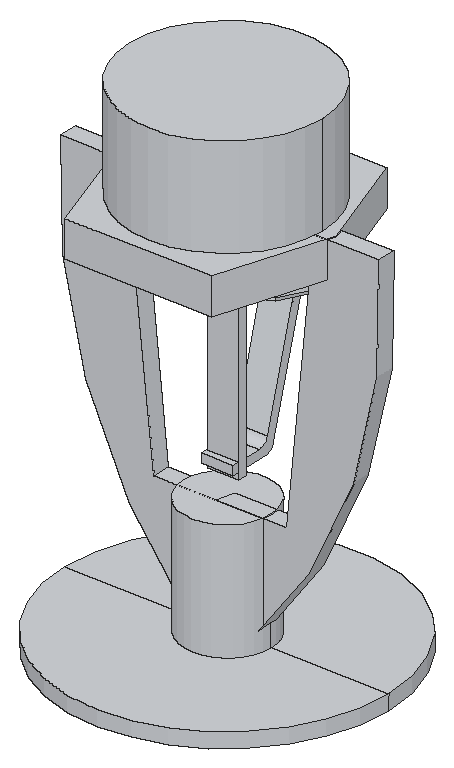
Revit family
Parameters (values of type "RASCO N252 EC PENDENT")
  Temperature Rating = 165 °F
  Response = (empty or 0)
  RASCO SIN # = "RA08A2"
  RASCO Part # = "EC251W"
  Pressure Rating = "175 PSI"
  Pressure Class = (empty or 0)
  Orifice Size = 1"
  Orifice = (empty or 0)
  Model = "N252 EC"
  Manufacturer = "RASCO"
  K-Factor = 25.2
  Description = "WHITE FINISH"
  Coverage = 1
Reference planes (in)
  plane 1 "Center (Front/Back)": y = 0
  plane 2: z = 0
  plane 3 "Center (Left/Right)": x = 0
Nested families (in)
  nested 1: "RASCO- EC251W" at (0, -0.28517, 3.60324) x (-1, 0, 0) z (0, 0, -1), type "RASCO N252 EC PENDENT"
Connectors (in)
  piping at (0, -0.28517, 3.60324)
    settings: on nested 1, index 1, connector radius 11/16", flow factor 0, pipe flow 0 GPM, pressure drop 0.00 psi, fitting loss kfactor 0, connector angle 0.00°, fixture units 0, flow configuration 0, flow direction 0, fitting loss method 0, system type 7, connector reference index -1, connector utility 0, adjustable connector no, is connector primary yes, fitting loss table "", connector description ""
Definition of nested family "RASCO- EC251W"
  Parameters (values of type "RASCO N252 EC PENDENT")
    Type Comments = ""
    Temperature Rating = 0 °F
    Response = (empty or 0)
    Pressure Rating = "0"
    Pressure Class = (empty or 0)
    Orifice Size = 0"
    Orifice = (empty or 0)
    Model = ""
    Manufacturer = ""
    K-Factor = 0
    Description = ""
    Coverage = (empty or 0)
    Assembly Code = ""
  Reference planes (in)
    plane 1 "Center (Front/Back)": y = 0
    plane 2: z = 0
    plane 3 "ref.2": z = 0.6875
    plane 4 "ref.3": z = 0.9375
    plane 5: x = -0.38065
    plane 6: x = 0.36935
    plane 7 "ref. side 1": y = 0.06402
    plane 8 "ref. side 2": y = -0.06098
    plane 9 "ref.4": z = 2.6
    plane 10 "ref.5": z = 3.6
    plane 11 "center": x = -0.00574
    plane 12 "clip": through (0, 0.52703, 1.36085) normal (0, 0.2756, -0.9613)
  Forms (in)
    Extrusion 1, solid
      sketch origin (0, 0, 0) x (1, 0, 0) y (0, 1, 0)
        loop
          circle (0, 0) r 0.659
      from 0 to 0.6875
    Extrusion 2, solid
      sketch origin (-0.12185, 0.05177, 0.6875) x (1, 0, 0) y (0, 1, 0)
        loop
          line (-0.37766, 0.70082) -> (-0.6339, -0.05177) -> (-0.3889, -0.80818) -> (0.62234, -0.80818) -> (0.8661, -0.05177) -> (0.62234, 0.70082) -> (-0.37766, 0.70082)
      from 0 to 0.25
    Extrusion 3, solid
      sketch origin (0, 0, 0) x (1, 0, 0) y (0, 0, 1)
        loop
          line (-1.09324, 0.6875) -> (-0.62034, 0.6875) -> (-0.62034, 0.96854)
          arc (-0.62034, 0.96854) -> (-0.58056, 1.76334) -> (-0.46159, 2.55019) r 7.95835
          line (-0.46159, 2.55019) -> (0.44697, 2.55019)
          arc (0.44697, 2.55019) -> (0.56668, 1.78042) -> (0.60672, 1.00242) r 7.57793
          line (0.60672, 1.00242) -> (0.60672, 0.6875) -> (1.08176, 0.6875)
          arc (1.08176, 0.6875) -> (0.90757, 2.11947) -> (0.17997, 3.36505) r 3.56334
          line (0.17997, 3.36505) -> (-0.19366, 3.36505)
          arc (-0.19366, 3.36505) -> (-0.92012, 2.11923) -> (-1.09324, 0.6875) r 3.563
      from -0.06402 to 0.06098
    Extrusion 4, solid
      sketch origin (-0.00199, 0, 3.1625) x (-1, 0, 0) y (0, -1, 0)
        loop
          circle (0.00574, -0.00152) r 0.3
      from -0.61231 to 0.4375
    Revolve 5, solid
      sketch origin (-0.0011, 0, 1.03138) x (1, 0, 0) y (0, 0, 1)
        loop
          line (-0.19255, 2.33367) -> (-0.19255, 2.43679) -> (-0.34939, 2.43679) -> (-1.11507, 2.43679) -> (-1.11507, 2.33367) -> (-0.19255, 2.33367)
        axis (-0.00574, 2.33367) -> (-0.00574, 2.43679)
      angle from 0 to 360
    Extrusion 6, solid
      sketch origin (0, 0, 0.9375) x (-1, 0, 0) y (0, -1, 0)
        loop
          line (-0.10175, -0.02852) -> (0.11324, -0.02852) -> (0.11324, 0.03101) -> (-0.10175, 0.03101) -> (-0.10175, -0.02852)
      from 0 to 1.45629
    Extrusion 7, solid
      sketch origin (-0.00574, 0, 0) x (0, 0, -1) y (0, -1, 0)
        loop
          line (-2.34418, 0.08154) -> (-2.34418, -0.18975)
          arc (-2.34418, -0.18975) -> (-2.3294, -0.23392) -> (-2.29102, -0.2603) r 0.07339
          line (-2.29102, -0.2603) -> (-1.29471, -0.54599) -> (-1.27823, -0.48852) -> (-2.23088, -0.21535)
          arc (-2.23088, -0.21535) -> (-2.26901, -0.18915) -> (-2.28369, -0.14527) r 0.07291
          line (-2.28369, -0.14527) -> (-2.28369, 0.08154) -> (-2.34418, 0.08154)
      from -0.1075 to 0.1075
    Extrusion 8, solid
      sketch origin (0, -0.32053, 1.11781) x (0, 0.961262, 0.275637) y (1, 0, 0)
        loop
          line (0.84059, -0.34079) -> (0.916, -0.26539) -> (0.916, 0.24563) -> (0.84145, 0.32018) -> (0.33718, 0.32018) -> (0.26218, 0.24518) -> (0.26218, -0.26617) -> (0.3368, -0.34079) -> (0.84059, -0.34079)
      from -0.01906 to 0
  Cuts and joins
    joined: Extrusion 1, Extrusion 2, Revolve 5
